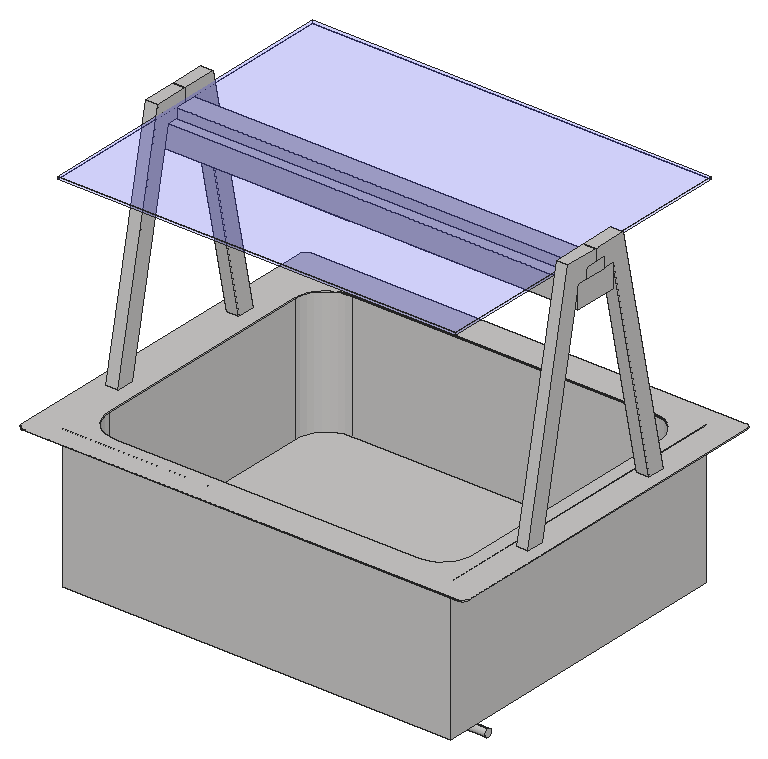
Revit family "QF_ELECTROLUXPROFESSIONAL_341162_D01C2", category Attrezzature speciali, Revit 2020
Family settings
  Quota connettore circolare = Usa diametro
  Tipo di parte = Normale
  Basato su piano di lavoro = No
  Sempre verticale = Sì
  Taglio con vuoti quando caricato = No
  Condiviso = No
  Punto di calcolo locali = No
Parameters (values of type "Standard")
  Weight = 37.36 kg
  Watts = 0 W
  Volts = 220 V
  URL Manufacturer = "https://www.electroluxprofessional.com/"
  URL = "https://www.electroluxprofessional.com/"
  Steam Supply Size = 0 mm
  Steam Supply Minimum Pressure = 0.0 Pa
  Steam Supply Maximum Pressure = 0.0 Pa
  Steam Consumption per Hour = 0
  Refrigeration Suction Line Size = 0 mm
  Refrigeration Liquid Line Size = 0 mm
  Refrigerant Compressor Remote = yes
  Prospetto di default = 0 mm
  Produttore = "Electrolux Professional"
  Phase = 1
  Modello = "D01C2"
  Length Actual = 770 mm  # constant formula
  Item Number = "341162"
  Hot Water Size = 0 mm
  Height Actual = 664 mm  # constant formula
  HP = "0 HP"
  Gas Size = 0 mm
  Gas KW = 0
  Gas Input Pressure = 0 W
  Direct Waste Size = 0 mm
  Descrizione = "DROP-IN BAIN-MARIE, WATER, SINGLE WELL, 2GN WITH A TYPE OVERSHELF AND HALOGEN LAMP"
  Depth Actual = 620 mm  # constant formula
  Cycle = 50 Hz
  Condensate Return Size = 0 mm
  Compressed Air Volume = 0.0 L/s
  Compressed Air Size = 0 mm
  Compressed Air Pressure = 0.0 Pa
  Cold Water Size = 12.7 mm
  Accessory = yes
Reference planes
  plane 1 "BACK": y = 0
  plane 2: z = 5.426
  plane 3 "LEFT": x = 0
  plane 4: y = -620
  plane 5: z = 409.426
  plane 6: y = -310
Forms (mm)
  Extrusion 1, solid, material "QF_Finishes_Stainless Steel"
    sketch origin (-650, 0, 5.426) x (1, 0, 0) y (0, 1, 0)
      loop
        arc (660, 0) -> (652.929, -2.929) -> (650, -10) r 10
        line (650, -10) -> (650, -610)
        arc (650, -610) -> (652.929, -617.071) -> (660, -620) r 10
        line (660, -620) -> (1410, -620)
        arc (1410, -620) -> (1417.071, -617.071) -> (1420, -610) r 10
        line (1420, -610) -> (1420, -10)
        arc (1420, -10) -> (1417.071, -2.929) -> (1410, 0) r 10
        line (1410, 0) -> (660, 0)
    from 0 to 1
  Extrusion 2, solid, material "QF_Finishes_Stainless Steel"
    sketch origin (0, 0, 12.548) x (1, 0, 0) y (0, 1, 0)
      loop
        line (50, -35) -> (50, -585) -> (720, -585) -> (720, -35) -> (50, -35)
    from -251.122 to -7.122
  Extrusion 3, void
    sketch origin (0, 0, -2.817) x (1, 0, 0) y (0, 1, 0)
      loop
        arc (125, -55) -> (86.109, -71.109) -> (70, -110) r 55
        line (70, -110) -> (70, -510)
        arc (70, -510) -> (86.109, -548.891) -> (125, -565) r 55
        line (125, -565) -> (644.507, -565)
        arc (644.507, -565) -> (683.398, -548.891) -> (699.507, -510) r 55
        line (699.507, -510) -> (699.507, -110)
        arc (699.507, -110) -> (683.398, -71.109) -> (644.507, -55) r 55
        line (644.507, -55) -> (125, -55)
    from -209.107 to 9.244
  Extrusion 4, solid, material "QF_Finishes_Stainless Steel"
    sketch origin (21.5, -620, 0) x (0, -1, 0) y (0, 0, -1)
      loop
        line (-310, -409.426) -> (-250.873, -409.426) -> (-165, -5.426) -> (-195, -5.426) -> (-272.583, -370.426) -> (-310, -370.426) -> (-310, -409.426)
    from 0 to 20
  Extrusion 5, solid, material "QF_Finishes_Stainless Steel"
    sketch origin (21.5, 0, 0) x (0, 1, 0) y (0, 0, 1)
      loop
        line (-310, 409.426) -> (-310, 370.426) -> (-272.583, 370.426) -> (-195, 5.426) -> (-165, 5.426) -> (-250.873, 409.426) -> (-310, 409.426)
    from 0 to 20
  Extrusion 6, solid, material "QF_Finishes_Stainless Steel"
    sketch origin (749, -620, 0) x (0, -1, 0) y (0, 0, 1)
      loop
        line (-310, 409.426) -> (-310, 370.426) -> (-272.583, 370.426) -> (-195, 5.426) -> (-165, 5.426) -> (-250.873, 409.426) -> (-310, 409.426)
    from 0 to 20
  Extrusion 7, solid, material "QF_Finishes_Stainless Steel"
    sketch origin (749, 0, 0) x (0, 1, 0) y (0, 0, -1)
      loop
        line (-310, -409.426) -> (-250.873, -409.426) -> (-165, -5.426) -> (-195, -5.426) -> (-272.583, -370.426) -> (-310, -370.426) -> (-310, -409.426)
    from 0 to 20
  Extrusion 8, solid, material "QF_Finishes_Stainless Steel"
    sketch origin (0, 0, 0) x (0, 1, 0) y (0, 0, 1)
      loop
        line (-291.292, 370.426) -> (-291.292, 387.956) -> (-328.917, 387.956) -> (-328.917, 370.426) -> (-291.292, 370.426)
    from 21.5 to 749
  Extrusion 9, solid, material "Vetro"
    sketch origin (-15.44, 0, 5.426) x (1, 0, 0) y (0, 1, 0)
      loop
        line (56.94, -35) -> (56.94, -585) -> (744.44, -585) -> (744.44, -35) -> (56.94, -35)
    from 382.529 to 387.529
  Extrusion 10, solid, material "QF_Finishes_Stainless Steel"
    sketch origin (282.889, -331.346, -643.387) x (0, 0, -1) y (0, 1, 0)
      loop
        circle (-372.814, -140.692) r 12.7
    from 5 to 70.307
  Extrusion 11, solid, material "QF_Finishes_Stainless Steel"
    sketch origin (0, 0, 0) x (0, 1, 0) y (0, 0, 1)
      loop
        line (-272.583, 370.426) -> (-347.583, 370.426) -> (-347.583, 330.426) -> (-272.583, 330.426) -> (-272.583, 370.426)
    from 21.5 to 749
  Extrusion 12, solid, material "QF_Finishes_Stainless Steel"
    sketch origin (34.947, 0, 0) x (0, 1, 0) y (0, 0, 1)
      loop
        line (-280.414, 330.426) -> (-340.414, 330.426) -> (-340.414, 325.426) -> (-280.414, 325.426) -> (-280.414, 330.426)
    from 113.553 to 313.553
  Extrusion 13, solid, material "QF_Finishes_Stainless Steel"
    sketch origin (769.053, 0, 0) x (0, 1, 0) y (0, 0, -1)
      loop
        line (-280.414, -330.426) -> (-280.414, -325.426) -> (-340.414, -325.426) -> (-340.414, -330.426) -> (-280.414, -330.426)
    from 113.553 to 313.553
  Extrusion 14, solid, material "QF_Finishes_Stainless Steel"
    sketch origin (-46, 10, 5.426) x (1, 0, 0) y (0, 1, 0)
      loop
        circle (386.025, -481.971) r 12.675
    from -276 to -244
  Extrusion 15, solid, material "QF_Finishes_Stainless Steel"
    sketch origin (736.957, -635.692, -643.387) x (0, 0, -1) y (0, -1, 0)
      loop
        circle (-372.814, -140.692) r 6.35
    from 24.768 to 70.307
  Extrusion 16, solid, material "QF_Finishes_Stainless Steel"
    sketch origin (1059.025, -976.971, 5.426) x (-1, 0, 0) y (0, -1, 0)
      loop
        circle (386.025, -481.971) r 6.35
    from -276 to -244
Cuts and joins
  Extrusion 3 cuts Extrusion 1
  Extrusion 3 cuts Extrusion 2
Dimensions and locks
  equal spacing: Extrusion 1, Extrusion 2 sketch curve, Extrusion 2 sketch curve, Extrusion 1  (x2)
  Extrusion 1 to Extrusion 1 = 770 mm
  Extrusion 1 to plane 1 "BACK" = 620 mm
  equal spacing: Extrusion 2, Extrusion 3 sketch curve, Extrusion 3 sketch curve, Extrusion 2  (x2)
  plane 5 to plane 2 = 404 mm
  Extrusion 11 sketch curve to cut or joined group of Extrusion 1, Extrusion 3 = 324 mm
  aligned and locked: level to plane 2
Connectors
  piping at (287.889, -472.038, -270.574), diameter 25.4
    settings: on Extrusion 10, index 5, connector inside diameter 609.6 mm, connector length 0 mm, flow factor 0, pipe flow 0.0 L/s, pressure drop 0.0 Pa, fitting loss kfactor 0, connector angle 0.00°, fixture units 0, engagement length 0 mm, angle of deflection 0.00°, flow configuration 0, flow direction 0, fitting loss method 0, system type 29, joint type 0, gender type 0, connector reference index -1, connector utility 0, adjustable connector no, is connector primary yes, connector description "D"
  piping at (712.188, -495, -270.574), diameter 12.7
    settings: on Extrusion 15, index 6, connector inside diameter 609.6 mm, connector length 0 mm, flow factor 0, pipe flow 0.0 L/s, pressure drop 0.0 Pa, fitting loss kfactor 0, connector angle 0.00°, fixture units 0, engagement length 0 mm, angle of deflection 0.00°, flow configuration 0, flow direction 0, fitting loss method 0, system type 29, joint type 0, gender type 0, connector reference index -1, connector utility 0, adjustable connector no, is connector primary no, connector description "WI"
